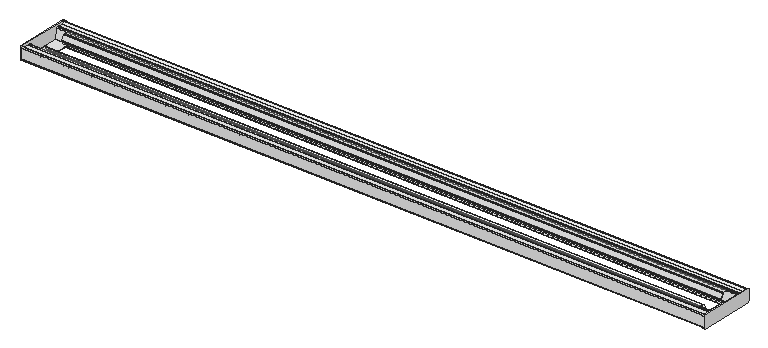
Revit family "ALRW", category Lighting Fixtures, host Ceiling, Revit 2023
Family settings
  Host = Ceiling
  Round Connector Dimension = Use Diameter
  Part Type = Normal
  OmniClass Number = 23.80.70.11.14.17
  OmniClass Title = Direct/Indirect
  Always vertical = Yes
  Cut with Voids When Loaded = No
  Light Source = Yes
  Maintain Annotation Orientation = No
  Shared = No
  Room Calculation Point = No
Parameters (values of type "ALRW96-LED840K20LFUNV-LD64")
  Width = 0' - 7 5/8"
  Wattage = 115.72 W
  built-in parameter 1150110 = 1 (stored number, unit not read)
  Voltage = 120 V
  URL = "https://viscor.com/products/alrw"
  built-in parameter 1114217 = 0.9 (stored number, unit not read)
  Tilt Angle = 180.00°  # constant formula
  built-in parameter 1150109 = 1 (stored number, unit not read)
  built-in parameter 1150134 = 12
  built-in parameter 1150113 = 1 (stored number, unit not read)
  Photometric Web File = "ALRW96-LED840K20LFUNV-LD64.ies"
  Model = "ALRW"  # constant formula
  Manufacturer = "VISIONEERING by VISCOR"  # constant formula
  Lumens = 16131.4 lm
  built-in parameter 1150115 = 1 (stored number, unit not read)
  built-in parameter 1150105 = 1283.7 (stored number, unit not read)
  built-in parameter 1150137 = (empty or 0)
  built-in parameter 1150139 = (empty or 0)
  Lens Finish Top = Acrylic - Viscor - Clear
  Lens Finish Bottom = Acrylic - Viscor - Frosted
  Length = 8' - 0"
  Lamp Wattage = 115.72 VA
  built-in parameter 1150112 = 1 (stored number, unit not read)
  built-in parameter 1150114 = 1 (stored number, unit not read)
  Lamp = "LED"  # constant formula
  built-in parameter 1150132 = (empty or 0)
  built-in parameter 1150102 = (empty or 0)
  built-in parameter 1150138 = (empty or 0)
  built-in parameter 1150107 = 4000 (stored number, unit not read)
  built-in parameter 1150106 = 12.837 (stored number, unit not read)
  Housing Finish = Metal - Viscor - White
  Emit from Line Length = Length  # 8' - 0"
  built-in parameter 1150104 = 12.951 (stored number, unit not read)
  Dimming Lamp Color Temperature Shift = <None>
  Description = "LED- Premium-Grade Suspended Linear Luminaire"  # constant formula
  Default Elevation = 0' - 0"
  Color Filter = 16777215
  built-in parameter 1114218 = 1 (stored number, unit not read)
  built-in parameter 1150133 = 10 (stored number, unit not read)
  Assembly Code = "D5020200"
  Apparent Load = Lamp Wattage  # 115.72 VA
Types (9): name | Wattage | Photometric Web File | Lumens | built-in parameter 1150105 | Length | Lamp Wattage | built-in parameter 1150106 | Emit from Line Length | built-in parameter 1150104 | Apparent Load
  (no name) | 115.72 W | "ALRW96-LED840K20LFUNV-LD64.ies" | 16131.4 lm | 1283.7 (stored number, unit not read) | 8' - 0" | 115.72 VA | 12.837 (stored number, unit not read) | 8' - 0" | 12.951 (stored number, unit not read) | 115.72 VA
  ALRW48-LED840K05LFUNV-LD64 | 14.3 W | "ALRW48-LED840K05LFUNV-LD64.ies" | 2070.64 lm | 164.78 (stored number, unit not read) | 4' - 0" | 14.3 VA | 1.6478 (stored number, unit not read) | 4' - 0" | 13.452 (stored number, unit not read) | 14.3 VA
  ALRW96-LED840K05LFUNV-LD64 | 28.6 W | "ALRW96-LED840K05LFUNV-LD64.ies" | 4141.28 lm | 329.55 (stored number, unit not read) | 8' - 0" | 28.6 VA | 3.2955 (stored number, unit not read) | 8' - 0" | 13.452 (stored number, unit not read) | 28.6 VA
  ALRW48-LED840K10LFUNV-LD64 | 27.84 W | "ALRW48-LED840K10LFUNV-LD64.ies" | 4094.99 lm | 325.87 (stored number, unit not read) | 4' - 0" | 27.84 VA | 3.2587 (stored number, unit not read) | 4' - 0" | 13.665 (stored number, unit not read) | 27.84 VA
  ALRW48-LED840K15LFUNV-LD64 | 42.39 W | "ALRW48-LED840K15LFUNV-LD64.ies" | 6072.79 lm | 483.26 (stored number, unit not read) | 4' - 0" | 42.39 VA | 4.8326 (stored number, unit not read) | 4' - 0" | 13.309 (stored number, unit not read) | 42.39 VA
  ALRW48-LED840K20LFUNV-LD64 | 57.86 W | "ALRW48-LED840K20LFUNV-LD64.ies" | 8065.68 lm | 641.85 (stored number, unit not read) | 4' - 0" | 57.86 VA | 6.4185 (stored number, unit not read) | 4' - 0" | 12.951 (stored number, unit not read) | 57.86 VA
  ALRW96-LED840K10LFUNV-LD64 | 54.72 W | "ALRW96-LED840K10LFUNV-LD64.ies" | 8065.73 lm | 641.85 (stored number, unit not read) | 8' - 0" | 54.72 VA | 6.4185 (stored number, unit not read) | 8' - 0" | 13.694 (stored number, unit not read) | 54.72 VA
  ALRW96-LED840K15LFUNV-LD64 | 84.3 W | "ALRW96-LED840K15LFUNV-LD64.ies" | 12080.2 lm | 961.31 (stored number, unit not read) | 8' - 0" | 84.3 VA | 9.6131 (stored number, unit not read) | 8' - 0" | 13.313 (stored number, unit not read) | 84.3 VA
  ALRW96-LED840K20LFUNV-LD64 | 115.72 W | "ALRW96-LED840K20LFUNV-LD64.ies" | 16131.4 lm | 1283.7 (stored number, unit not read) | 8' - 0" | 115.72 VA | 12.837 (stored number, unit not read) | 8' - 0" | 12.951 (stored number, unit not read) | 115.72 VA
Reference planes (in)
  plane 1 "Light Source Axis (F/B)": y = 0
  plane 2 "Ceiling": z = 96
  plane 3 "Light Source Axis (L/R)": x = 0
  plane 4 "Light Source Elevation": z = 67.875
  plane 5: x = -48
  plane 6: x = 48
  plane 7: y = 3.8125
  plane 8: y = -3.8125
  plane 9: x = -47.952
  plane 10: x = 47.952
  plane 11: x = -46.25
  plane 12: x = 46.25
Forms (in)
  Extrusion 1, solid, material "Metal - Viscor - White" <- "Housing Finish"
    sketch origin (0, 0, 0) x (0, 1, 0) y (0, 0, 1)
      loop
        line (3.6875, 69.625) -> (-3.6875, 69.625)
        arc (-3.6875, 69.625) -> (-3.77589, 69.58839) -> (-3.8125, 69.5) r 0.125
        line (-3.8125, 69.5) -> (-3.8125, 68)
        arc (-3.8125, 68) -> (-3.77589, 67.91161) -> (-3.6875, 67.875) r 0.125
        line (-3.6875, 67.875) -> (3.6875, 67.875)
        arc (3.6875, 67.875) -> (3.77589, 67.91161) -> (3.8125, 68) r 0.125
        line (3.8125, 68) -> (3.8125, 69.5)
        arc (3.8125, 69.5) -> (3.77589, 69.58839) -> (3.6875, 69.625) r 0.125
    from 47.952 to 48
  Extrusion 2, solid, material "Metal - Viscor - White" <- "Housing Finish"
    sketch origin (0, 0, 0) x (0, 1, 0) y (0, 0, -1)
      loop
        arc (3.6875, -69.625) -> (3.77589, -69.58839) -> (3.8125, -69.5) r 0.125
        line (3.8125, -69.5) -> (3.8125, -68)
        arc (3.8125, -68) -> (3.77589, -67.91161) -> (3.6875, -67.875) r 0.125
        line (3.6875, -67.875) -> (-3.6875, -67.875)
        arc (-3.6875, -67.875) -> (-3.77589, -67.91161) -> (-3.8125, -68) r 0.125
        line (-3.8125, -68) -> (-3.8125, -69.5)
        arc (-3.8125, -69.5) -> (-3.77589, -69.58839) -> (-3.6875, -69.625) r 0.125
        line (-3.6875, -69.625) -> (3.6875, -69.625)
    from 47.952 to 48
  Extrusion 3, solid, material "Metal - Viscor - White" <- "Housing Finish"
    sketch origin (0, 0, 0) x (0, 1, 0) y (0, 0, 1)
      loop
        line (2.69199, 69.33425) -> (3.30654, 69.33425)
        arc (3.30654, 69.33425) -> (3.32595, 69.33681) -> (3.34404, 69.3443) r 0.075
        line (3.34404, 69.3443) -> (3.6555, 69.52412)
        arc (3.6555, 69.52412) -> (3.6945, 69.52412) -> (3.714, 69.49035) r 0.039
        line (3.714, 69.49035) -> (3.714, 68.00775)
        arc (3.714, 68.00775) -> (3.70258, 67.98017) -> (3.675, 67.96875) r 0.039
        line (3.675, 67.96875) -> (-3.675, 67.96875)
        arc (-3.675, 67.96875) -> (-3.70258, 67.98017) -> (-3.714, 68.00775) r 0.039
        line (-3.714, 68.00775) -> (-3.714, 69.49035)
        arc (-3.714, 69.49035) -> (-3.6945, 69.52412) -> (-3.6555, 69.52412) r 0.039
        line (-3.6555, 69.52412) -> (-3.34404, 69.3443)
        arc (-3.34404, 69.3443) -> (-3.32595, 69.33681) -> (-3.30654, 69.33425) r 0.075
        line (-3.30654, 69.33425) -> (-2.69199, 69.33425) -> (-2.69199, 69.37025) -> (-3.31699, 69.37025) -> (-3.6375, 69.5553)
        arc (-3.6375, 69.5553) -> (-3.7125, 69.5553) -> (-3.75, 69.49035) r 0.075
        line (-3.75, 69.49035) -> (-3.75, 68.00775)
        arc (-3.75, 68.00775) -> (-3.72803, 67.95472) -> (-3.675, 67.93275) r 0.075
        line (-3.675, 67.93275) -> (3.675, 67.93275)
        arc (3.675, 67.93275) -> (3.72803, 67.95472) -> (3.75, 68.00775) r 0.075
        line (3.75, 68.00775) -> (3.75, 69.49035)
        arc (3.75, 69.49035) -> (3.7125, 69.5553) -> (3.6375, 69.5553) r 0.075
        line (3.6375, 69.5553) -> (3.31699, 69.37025) -> (2.69199, 69.37025) -> (2.69199, 69.33425)
    from -47.952 to 47.952
  Extrusion 4, solid, material "Metal - Viscor - White" <- "Housing Finish"
    sketch origin (0, 0, 0) x (0, 1, 0) y (0, 0, 1)
      loop
        line (3.71699, 69.33425) -> (2.44971, 69.33425)
        arc (2.44971, 69.33425) -> (2.40536, 69.31811) -> (2.38176, 69.27723) r 0.069
        line (2.38176, 69.27723) -> (2.16351, 68.03946) -> (2.19428, 68.03403) -> (2.41083, 69.26216)
        arc (2.41083, 69.26216) -> (2.42464, 69.29513) -> (2.45951, 69.303) r 0.039
        line (2.45951, 69.303) -> (3.71699, 69.303) -> (3.71699, 69.33425)
    from -47.952 to 47.952
  Extrusion 5, solid, material "Metal - Viscor - White" <- "Housing Finish"
    sketch origin (0, 0, 0) x (0, -1, 0) y (0, 0, -1)
      loop
        line (3.71699, -69.33425) -> (3.71699, -69.303) -> (2.45951, -69.303)
        arc (2.45951, -69.303) -> (2.42464, -69.29513) -> (2.41083, -69.26216) r 0.039
        line (2.41083, -69.26216) -> (2.19428, -68.03403) -> (2.16351, -68.03946) -> (2.38176, -69.27723)
        arc (2.38176, -69.27723) -> (2.40536, -69.31811) -> (2.44971, -69.33425) r 0.069
        line (2.44971, -69.33425) -> (3.71699, -69.33425)
    from -47.952 to 47.952
  Extrusion 6, void
    sketch origin (0, 0, -26.125) x (1, 0, 0) y (0, 1, 0)
      loop
        line (-45.95312, -1.4375) -> (45.95312, -1.4375) -> (45.95312, 1.5625) -> (-45.95312, 1.5625) -> (-45.95312, -1.4375)
    from 92.74099 to 94.09375
  Extrusion 7, solid, material "Polycarbonate - Viscor - Frosted"
    sketch origin (0, 0, 0) x (0, 1, 0) y (0, 0, 1)
      loop
        line (-1.73311, 68.00875) -> (-2.06699, 68.00875) -> (-2.06699, 67.96875) -> (-1.73311, 67.96875)
        arc (-1.73311, 67.96875) -> (-1.69663, 67.97768) -> (-1.6684, 68.00244) r 0.079
        line (-1.6684, 68.00244) -> (-1.24232, 68.61094)
        arc (-1.24232, 68.61094) -> (-1.22804, 68.65625) -> (-1.24232, 68.70156) r 0.079
        line (-1.24232, 68.70156) -> (-1.6684, 69.31006)
        arc (-1.6684, 69.31006) -> (-1.69663, 69.33482) -> (-1.73311, 69.34375) r 0.079
        line (-1.73311, 69.34375) -> (-2.69199, 69.34375) -> (-2.69199, 69.30375) -> (-1.73311, 69.30375)
        arc (-1.73311, 69.30375) -> (-1.7151, 69.29934) -> (-1.70117, 69.28712) r 0.039
        line (-1.70117, 69.28712) -> (-1.27509, 68.67862)
        arc (-1.27509, 68.67862) -> (-1.26804, 68.65625) -> (-1.27509, 68.63388) r 0.039
        line (-1.27509, 68.63388) -> (-1.70117, 68.02538)
        arc (-1.70117, 68.02538) -> (-1.7151, 68.01316) -> (-1.73311, 68.00875) r 0.039
    from -46.25 to 46.25
  Extrusion 8, solid, material "Polycarbonate - Viscor - Frosted"
    sketch origin (0, 0, 0) x (0, -1, 0) y (0, 0, -1)
      loop
        arc (-1.73311, -68.00875) -> (-1.7151, -68.01316) -> (-1.70117, -68.02538) r 0.039
        line (-1.70117, -68.02538) -> (-1.27509, -68.63388)
        arc (-1.27509, -68.63388) -> (-1.26804, -68.65625) -> (-1.27509, -68.67862) r 0.039
        line (-1.27509, -68.67862) -> (-1.70117, -69.28712)
        arc (-1.70117, -69.28712) -> (-1.7151, -69.29934) -> (-1.73311, -69.30375) r 0.039
        line (-1.73311, -69.30375) -> (-2.69199, -69.30375) -> (-2.69199, -69.34375) -> (-1.73311, -69.34375)
        arc (-1.73311, -69.34375) -> (-1.69663, -69.33482) -> (-1.6684, -69.31006) r 0.079
        line (-1.6684, -69.31006) -> (-1.24232, -68.70156)
        arc (-1.24232, -68.70156) -> (-1.22804, -68.65625) -> (-1.24232, -68.61094) r 0.079
        line (-1.24232, -68.61094) -> (-1.6684, -68.00244)
        arc (-1.6684, -68.00244) -> (-1.69663, -67.97768) -> (-1.73311, -67.96875) r 0.079
        line (-1.73311, -67.96875) -> (-2.06699, -67.96875) -> (-2.06699, -68.00875) -> (-1.73311, -68.00875)
    from -46.25 to 46.25
Cuts and joins
  Extrusion 6 cuts Extrusion 3
Dimensions and locks (in)
  equal spacing: host sketch curve, plane 3 "Light Source Axis (L/R)", host sketch curve
  equal spacing: host sketch curve, plane 1 "Light Source Axis (F/B)", host sketch curve
  host sketch curve to host sketch curve = 10' - 0"  (x2)
  equal spacing: plane 5, plane 3 "Light Source Axis (L/R)", plane 6
  "Length": plane 5 to plane 6
  equal spacing: plane 7, plane 1 "Light Source Axis (F/B)", plane 8
  "Width": plane 7 to plane 8
  plane 7 to plane 1 "Light Source Axis (F/B)" = 0' - 3 13/16"
  plane 6 to plane 3 "Light Source Axis (L/R)" = 4' - 0"
  plane 4 "Light Source Elevation" to host ceiling = 2' - 3 5/8"
  locked: plane 5 to plane 9 at 0.048
  locked: plane 10 to plane 6 at 0.048
  locked: plane 12 to plane 6 at 1.75
  locked: plane 11 to plane 5 at 1.75
  aligned and locked: plane 3 "Light Source Axis (L/R)" to imposter light
  aligned and locked: plane 1 "Light Source Axis (F/B)" to imposter light
  aligned and locked: plane 4 "Light Source Elevation" to imposter light
  aligned and locked: plane 6 to Extrusion 1
  aligned and locked: Extrusion 1 to plane 10
  aligned and locked: Extrusion 2 to plane 5
  aligned and locked: plane 9 to Extrusion 2
  aligned and locked: plane 10 to Extrusion 3
  aligned and locked: Extrusion 3 to plane 9
  aligned and locked: plane 10 to Extrusion 4
  aligned and locked: plane 10 to Extrusion 5
  aligned and locked: Extrusion 5 to plane 9
  aligned and locked: Extrusion 4 to plane 9
  aligned and locked: Extrusion 7 to plane 11
  aligned and locked: plane 12 to Extrusion 7
  aligned and locked: Extrusion 8 to plane 11
  aligned and locked: plane 12 to Extrusion 8
Automatic sketch dimensions
  Extrusion 1 sketch curve to plane 8 = 0' - 0"
  plane 4 "Light Source Elevation" to Extrusion 1 sketch curve = 0' - 0"
  Extrusion 1 sketch curve to plane 7 = 0' - 0"
  Extrusion 1 sketch curve to Extrusion 1 sketch curve = 0' - 0 1/8"
  plane 8 to Extrusion 1 sketch curve = 0' - 0 1/8"
  Extrusion 1 sketch curve to plane 7 = 0' - 0 1/8"  (x2)
  Extrusion 1 sketch curve to Extrusion 1 sketch curve = 0' - 1 1/2"
  Extrusion 2 sketch curve to plane 8 = 0' - 0"
  plane 4 "Light Source Elevation" to Extrusion 2 sketch curve = 0' - 0"
  Extrusion 2 sketch curve to plane 7 = 0' - 0"
  Extrusion 2 sketch curve to Extrusion 2 sketch curve = 0' - 0 1/8"
  plane 8 to Extrusion 2 sketch curve = 0' - 0 1/8"
  Extrusion 2 sketch curve to plane 7 = 0' - 0 1/8"  (x2)
  Extrusion 2 sketch curve to Extrusion 2 sketch curve = 0' - 1 1/2"
  Extrusion 3 sketch curve to Extrusion 3 sketch curve = 0' - 0"  (x8)
  plane 8 to Extrusion 3 sketch curve = 0' - 0 1/16"
  Extrusion 3 sketch curve to Extrusion 3 sketch curve = 0' - 0.036"  (x3)
  Extrusion 3 sketch curve to plane 4 "Light Source Elevation" = 0' - 0.05775"
  Extrusion 3 sketch curve to Extrusion 3 sketch curve = 0' - 0.039"  (x3)
  Extrusion 3 sketch curve to Extrusion 3 sketch curve = 0' - 0.0195"  (x2)
  Extrusion 3 sketch curve to Extrusion 3 sketch curve = 0' - 0.018"  (x2)
  Extrusion 3 sketch curve to Extrusion 3 sketch curve = 0' - 0.31146"
  Extrusion 3 sketch curve to Extrusion 3 sketch curve = 0' - 0.02705"  (x2)
  Extrusion 3 sketch curve to Extrusion 3 sketch curve = 0' - 0.01045"  (x2)
  Extrusion 3 sketch curve to Extrusion 3 sketch curve = 0' - 0.61455"
  Extrusion 3 sketch curve to plane 7 = 0' - 1.12051"
  Extrusion 3 sketch curve to plane 7 = 0' - 0.50596"
  Extrusion 3 sketch curve to plane 7 = 0' - 0.175"
  Extrusion 3 sketch curve to plane 7 = 0' - 0.1375"
  Extrusion 3 sketch curve to plane 4 "Light Source Elevation" = 0' - 1.45925"  (x2)
  Extrusion 3 sketch curve to Extrusion 3 sketch curve = 0' - 0.01005"  (x2)
  Extrusion 3 sketch curve to Extrusion 3 sketch curve = 0' - 0.14605"  (x2)
  Extrusion 4 sketch curve to Extrusion 4 sketch curve = 0' - 0"  (x2)
  Extrusion 4 sketch curve to plane 4 "Light Source Elevation" = 0' - 0.16446"
  Extrusion 4 sketch curve to plane 7 = 0' - 1.64899"
  Extrusion 4 sketch curve to plane 4 "Light Source Elevation" = 0' - 0.15903"
  Extrusion 4 sketch curve to Extrusion 4 sketch curve = 0' - 0.03078"
  Extrusion 4 sketch curve to plane 4 "Light Source Elevation" = 0' - 1.40223"
  Extrusion 4 sketch curve to plane 4 "Light Source Elevation" = 0' - 1.38716"
  Extrusion 4 sketch curve to Extrusion 4 sketch curve = 0' - 0.03888"
  Extrusion 4 sketch curve to Extrusion 4 sketch curve = 0' - 0.00979"
  Extrusion 4 sketch curve to plane 7 = 0' - 0.09551"
  Extrusion 4 sketch curve to Extrusion 4 sketch curve = 0' - 0.00309"
  Extrusion 5 sketch curve to Extrusion 5 sketch curve = 0' - 0"  (x2)
  Extrusion 5 sketch curve to plane 4 "Light Source Elevation" = 0' - 0.16446"
  plane 8 to Extrusion 5 sketch curve = 0' - 1.64899"
  Extrusion 5 sketch curve to plane 4 "Light Source Elevation" = 0' - 0.15903"
  Extrusion 5 sketch curve to Extrusion 5 sketch curve = 0' - 0.03078"
  Extrusion 5 sketch curve to plane 4 "Light Source Elevation" = 0' - 1.40223"
  Extrusion 5 sketch curve to plane 4 "Light Source Elevation" = 0' - 1.38716"
  Extrusion 5 sketch curve to Extrusion 5 sketch curve = 0' - 0.03888"
  Extrusion 5 sketch curve to Extrusion 5 sketch curve = 0' - 0.00979"
  plane 8 to Extrusion 5 sketch curve = 0' - 0.09551"
  Extrusion 5 sketch curve to Extrusion 5 sketch curve = 0' - 0.04084"
  plane 11 to Extrusion 6 sketch curve = 0' - 0 19/64"
  Extrusion 6 sketch curve to plane 12 = 0' - 0 19/64"
  plane 1 "Light Source Axis (F/B)" to Extrusion 6 sketch curve = 0' - 1 7/16"
  Extrusion 6 sketch curve to plane 1 "Light Source Axis (F/B)" = 0' - 1 9/16"
  Extrusion 7 sketch curve to Extrusion 7 sketch curve = 0' - 0"  (x6)
  plane 8 to Extrusion 7 sketch curve = 0' - 1.12051"
  Extrusion 7 sketch curve to plane 4 "Light Source Elevation" = 0' - 0 3/32"
  Extrusion 7 sketch curve to Extrusion 7 sketch curve = 0' - 0 5/8"
  Extrusion 7 sketch curve to Extrusion 7 sketch curve = 0' - 0.33388"
  Extrusion 7 sketch curve to Extrusion 7 sketch curve = 0' - 0.95888"
  Extrusion 7 sketch curve to Extrusion 7 sketch curve = 0' - 0.03195"  (x4)
  Extrusion 7 sketch curve to plane 4 "Light Source Elevation" = 0' - 0.15038"
  Extrusion 7 sketch curve to Extrusion 7 sketch curve = 0' - 0.03277"  (x4)
  Extrusion 7 sketch curve to plane 4 "Light Source Elevation" = 0' - 0.12744"
  Extrusion 7 sketch curve to Extrusion 7 sketch curve = 0' - 0.42608"
  Extrusion 7 sketch curve to plane 4 "Light Source Elevation" = 0' - 0.80362"
  Extrusion 7 sketch curve to plane 4 "Light Source Elevation" = 0' - 0.75888"
  Extrusion 7 sketch curve to plane 4 "Light Source Elevation" = 0' - 0.73594"
  Extrusion 7 sketch curve to Extrusion 7 sketch curve = 0' - 0.6085"
  Extrusion 7 sketch curve to Extrusion 7 sketch curve = 0' - 0.02237"
  Extrusion 7 sketch curve to Extrusion 7 sketch curve = 0' - 0.02294"
  Extrusion 8 sketch curve to Extrusion 8 sketch curve = 0' - 0"  (x6)
  Extrusion 8 sketch curve to plane 7 = 0' - 1.12051"
  Extrusion 8 sketch curve to plane 4 "Light Source Elevation" = 0' - 0 3/32"
  Extrusion 8 sketch curve to Extrusion 8 sketch curve = 0' - 0 5/8"
  Extrusion 8 sketch curve to Extrusion 8 sketch curve = 0' - 0.33388"
  Extrusion 8 sketch curve to Extrusion 8 sketch curve = 0' - 0.95888"
  Extrusion 8 sketch curve to Extrusion 8 sketch curve = 0' - 0.03195"  (x4)
  Extrusion 8 sketch curve to plane 4 "Light Source Elevation" = 0' - 0.15038"
  Extrusion 8 sketch curve to Extrusion 8 sketch curve = 0' - 0.03277"  (x4)
  Extrusion 8 sketch curve to plane 4 "Light Source Elevation" = 0' - 0.12744"
  Extrusion 8 sketch curve to Extrusion 8 sketch curve = 0' - 0.42608"
  Extrusion 8 sketch curve to plane 4 "Light Source Elevation" = 0' - 0.80362"
  Extrusion 8 sketch curve to plane 4 "Light Source Elevation" = 0' - 0.75888"
  Extrusion 8 sketch curve to plane 4 "Light Source Elevation" = 0' - 0.73594"
  Extrusion 8 sketch curve to Extrusion 8 sketch curve = 0' - 0.6085"
  Extrusion 8 sketch curve to Extrusion 8 sketch curve = 0' - 0.02237"
  Extrusion 8 sketch curve to Extrusion 8 sketch curve = 0' - 0.02294"
Connectors (in)
  electrical at (0, 0, 67.875), driven by "Voltage", driven by "Lamp Wattage"
    settings: index 1, voltage 120 V, apparent load 0 VA, apparent load phase1 115.72 VA, apparent load phase2 0 VA, apparent load phase3 0 VA, power factor 1, load classification "Other", number of poles 1, system type 31, power factor state 1, is connector primary yes, connector utility no, sub classification motor no, connector description ""
